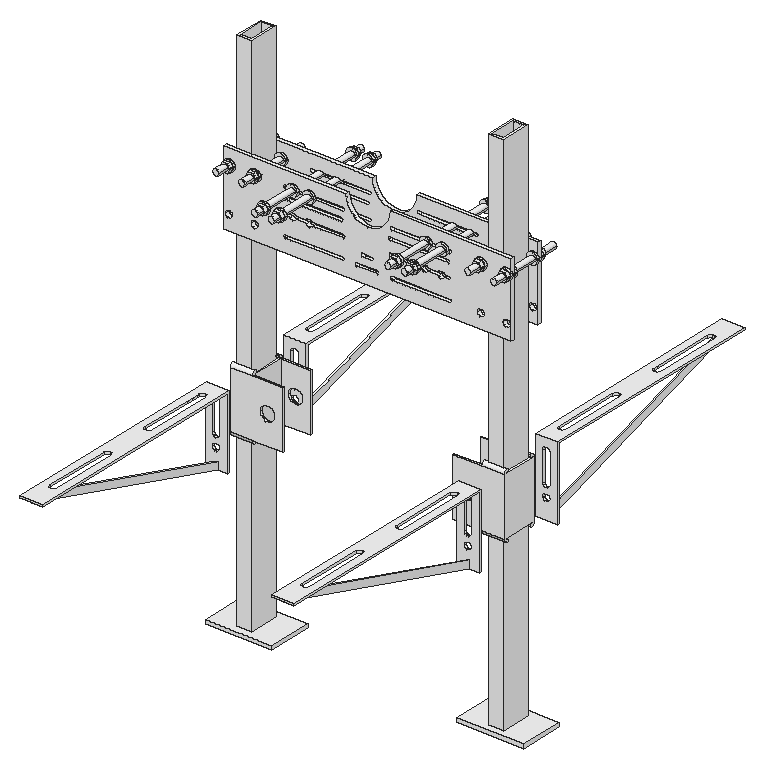
Revit family "Plumbing Fixture-Water_Closet_Carrier_Mifab_MC-34D", category Plumbing Fixtures, host Face, Revit 2013
Parameters
  WFU = 0
  URL = "www.mifab.com"
  Model = "MC-34D"
  Manufacturer = "MIFAB"
  Floor Drain Material = Paint - Sherwin Williams Paint - #952C2A - Bellwood Red
  Description = "Back To Back Hanger Plate And Exposed Arm Lavatory Carrier With Two Uprights"
  Default Elevation = 0.000"
  Assembly Code = ""
Reference planes (in)
  plane 1 "Center (Front/Back)": y = 0
  plane 2: z = 0
  plane 3 "Center (Left/Right)": x = 0
Forms (in)
  Extrusion 1, solid, material "Paint - Sherwin Williams Paint - #952C2A - Bellwood Red" <- "Floor Drain Material"
    sketch origin (0, 0, 0.64334) x (1, 0, 0) y (0, 1, 0)
      loop
        line (-10.75, 1.5) -> (-10.75, -1.5) -> (-6.25, -1.5) -> (-6.25, 1.5) -> (-10.75, 1.5)
      loop
        line (10.75, 1.5) -> (6.25, 1.5) -> (6.25, -1.5) -> (10.75, -1.5) -> (10.75, 1.5)
    from -0.64334 to -0.39334
  Extrusion 2, solid, material "Paint - Sherwin Williams Paint - #952C2A - Bellwood Red" <- "Floor Drain Material"
    sketch origin (0, 0, -0.64334) x (1, 0, 0) y (0, 1, 0)
      loop
        line (-9, 1) -> (-9, -1) -> (-8, -1) -> (-8, 1) -> (-9, 1)
      loop
        line (9, 1) -> (8, 1) -> (8, -1) -> (9, -1) -> (9, 1)
      loop
        line (-8.875, 0.875) -> (-8.875, -0.875) -> (-8.125, -0.875) -> (-8.125, 0.875) -> (-8.875, 0.875)
      loop
        line (8.875, 0.875) -> (8.125, 0.875) -> (8.125, -0.875) -> (8.875, -0.875) -> (8.875, 0.875)
    from 0.89334 to 36.64334
  Extrusion 3, solid, material "Paint - Sherwin Williams Paint - #952C2A - Bellwood Red" <- "Floor Drain Material"
    sketch origin (0.04675, -1.5, -10) x (1, 0, 0) y (0, 0, 1)
      loop
        line (-9.75, 39.14334) -> (-9.75, 34.14334) -> (9.65649, 34.14334) -> (9.65649, 39.14334) -> (1.5, 39.14334)
        arc (1.5, 39.14334) -> (0, 37.64334) -> (-1.5, 39.14334) r 1.5
        line (-1.5, 39.14334) -> (-9.75, 39.14334)
      loop
        circle (9.37144, 38.14334) r 0.25
      loop
        circle (7.62856, 38.14334) r 0.25
      loop
        circle (-9.37144, 38.14334) r 0.25
      loop
        circle (-7.62856, 38.14334) r 0.25
      loop
        line (5.54399, 38.26834) -> (5.275, 38.26834) -> (1.66899, 38.26834)
        arc (1.66899, 38.26834) -> (1.54399, 38.14334) -> (1.66899, 38.01834) r 0.125
        line (1.66899, 38.01834) -> (5.27785, 38.01834) -> (5.54399, 38.01834)
        arc (5.54399, 38.01834) -> (5.66899, 38.14334) -> (5.54399, 38.26834) r 0.125
      loop
        arc (-5.54399, 38.26834) -> (-5.66899, 38.14334) -> (-5.54399, 38.01834) r 0.125
        line (-5.54399, 38.01834) -> (-5.27785, 38.01834) -> (-1.66899, 38.01834)
        arc (-1.66899, 38.01834) -> (-1.54399, 38.14334) -> (-1.66899, 38.26834) r 0.125
        line (-1.66899, 38.26834) -> (-5.275, 38.26834) -> (-5.54399, 38.26834)
      loop
        circle (9.37144, 35.14334) r 0.25
      loop
        circle (7.62856, 35.14334) r 0.25
      loop
        circle (-9.37144, 35.14334) r 0.25
      loop
        circle (-7.62856, 35.14334) r 0.25
      loop
        arc (5.54399, 35.01834) -> (5.66899, 35.14334) -> (5.54399, 35.26834) r 0.125
        line (5.54399, 35.26834) -> (1.66899, 35.26834)
        arc (1.66899, 35.26834) -> (1.54399, 35.14334) -> (1.66899, 35.01834) r 0.125
        line (1.66899, 35.01834) -> (5.54399, 35.01834)
      loop
        line (-5.54399, 35.01834) -> (-3.725, 35.01834) -> (-1.66899, 35.01834)
        arc (-1.66899, 35.01834) -> (-1.54399, 35.14334) -> (-1.66899, 35.26834) r 0.125
        line (-1.66899, 35.26834) -> (-3.72215, 35.26834) -> (-5.54399, 35.26834)
        arc (-5.54399, 35.26834) -> (-5.66899, 35.14334) -> (-5.54399, 35.01834) r 0.125
      loop
        arc (-5.54399, 36.64334) -> (-5.66899, 36.51834) -> (-5.54399, 36.39334) r 0.125
        line (-5.54399, 36.39334) -> (-5.27785, 36.39334)
        arc (-5.27785, 36.39334) -> (-5.05994, 36.26587) -> (-4.84203, 36.39334) r 0.25
        line (-4.84203, 36.39334) -> (-4.15797, 36.39334)
        arc (-4.15797, 36.39334) -> (-3.94006, 36.26587) -> (-3.72215, 36.39334) r 0.25
        line (-3.72215, 36.39334) -> (-1.66899, 36.39334)
        arc (-1.66899, 36.39334) -> (-1.54399, 36.51834) -> (-1.66899, 36.64334) r 0.125
        line (-1.66899, 36.64334) -> (-3.725, 36.64334)
        arc (-3.725, 36.64334) -> (-3.94006, 36.76587) -> (-4.15512, 36.64334) r 0.25
        line (-4.15512, 36.64334) -> (-4.84488, 36.64334)
        arc (-4.84488, 36.64334) -> (-5.05994, 36.76587) -> (-5.275, 36.64334) r 0.25
        line (-5.275, 36.64334) -> (-5.54399, 36.64334)
      loop
        line (5.41405, 37.625) -> (5.14506, 37.625) -> (1.53905, 37.625)
        arc (1.53905, 37.625) -> (1.41405, 37.5) -> (1.53905, 37.375) r 0.125
        line (1.53905, 37.375) -> (5.14791, 37.375) -> (5.41405, 37.375)
        arc (5.41405, 37.375) -> (5.53905, 37.5) -> (5.41405, 37.625) r 0.125
      loop
        arc (-5.67393, 37.625) -> (-5.79893, 37.5) -> (-5.67393, 37.375) r 0.125
        line (-5.67393, 37.375) -> (-5.40779, 37.375) -> (-1.79893, 37.375)
        arc (-1.79893, 37.375) -> (-1.67393, 37.5) -> (-1.79893, 37.625) r 0.125
        line (-1.79893, 37.625) -> (-5.40494, 37.625) -> (-5.67393, 37.625)
      loop
        line (5.45049, 36.64334) -> (5.1815, 36.64334)
        arc (5.1815, 36.64334) -> (4.96643, 36.76587) -> (4.75137, 36.64334) r 0.25
        line (4.75137, 36.64334) -> (4.06162, 36.64334)
        arc (4.06162, 36.64334) -> (3.84656, 36.76587) -> (3.63149, 36.64334) r 0.25
        line (3.63149, 36.64334) -> (1.57549, 36.64334)
        arc (1.57549, 36.64334) -> (1.45049, 36.51834) -> (1.57549, 36.39334) r 0.125
        line (1.57549, 36.39334) -> (3.62864, 36.39334)
        arc (3.62864, 36.39334) -> (3.84656, 36.26587) -> (4.06447, 36.39334) r 0.25
        line (4.06447, 36.39334) -> (4.74852, 36.39334)
        arc (4.74852, 36.39334) -> (4.96643, 36.26587) -> (5.18435, 36.39334) r 0.25
        line (5.18435, 36.39334) -> (5.45049, 36.39334)
        arc (5.45049, 36.39334) -> (5.57549, 36.51834) -> (5.45049, 36.64334) r 0.125
      loop
        arc (-0.70997, 35.26834) -> (-0.83497, 35.14334) -> (-0.70997, 35.01834) r 0.125
        line (-0.70997, 35.01834) -> (0.61647, 35.01834)
        arc (0.61647, 35.01834) -> (0.74147, 35.14334) -> (0.61647, 35.26834) r 0.125
        line (0.61647, 35.26834) -> (-0.70997, 35.26834)
      loop
        arc (-0.32934, 35.95824) -> (-0.45434, 35.83324) -> (-0.32934, 35.70824) r 0.125
        line (-0.32934, 35.70824) -> (0.23583, 35.70824)
        arc (0.23583, 35.70824) -> (0.36083, 35.83324) -> (0.23583, 35.95824) r 0.125
        line (0.23583, 35.95824) -> (-0.32934, 35.95824)
    from -0.5 to -0.25
  Extrusion 4, solid, material "Paint - Sherwin Williams Paint - #952C2A - Bellwood Red" <- "Floor Drain Material"
    sketch origin (0.04675, 0, -8.12747) x (1, 0, 0) y (0, 0, 1)
      loop
        circle (-9.37144, 36.25) r 0.37861
      loop
        circle (-7.62856, 36.25) r 0.37861
      loop
        circle (7.62856, 36.25) r 0.37861
      loop
        circle (9.37144, 36.25) r 0.37861
    from 1.25 to 1.375
  Extrusion 5, solid, material "Paint - Sherwin Williams Paint - #952C2A - Bellwood Red" <- "Floor Drain Material"
    sketch origin (0.04675, -2.25, -8.12747) x (1, 0, 0) y (0, 0, -1)
      loop
        circle (-9.37144, -36.25) r 0.37861
      loop
        circle (-7.62856, -36.25) r 0.37861
      loop
        circle (7.62856, -36.25) r 0.37861
      loop
        circle (9.37144, -36.25) r 0.37861
    from 1.25 to 1.375
  Extrusion 6, solid, material "Paint - Sherwin Williams Paint - #952C2A - Bellwood Red" <- "Floor Drain Material"
    sketch origin (0.04675, 0, -8.12747) x (1, 0, 0) y (0, 0, 1)
      loop
        line (9.19891, 36.54883) -> (9.02638, 36.25) -> (9.19891, 35.95117) -> (9.54397, 35.95117) -> (9.7165, 36.25) -> (9.54397, 36.54883) -> (9.19891, 36.54883)
      loop
        line (7.45603, 36.54883) -> (7.2835, 36.25) -> (7.45603, 35.95117) -> (7.80109, 35.95117) -> (7.97362, 36.25) -> (7.80109, 36.54883) -> (7.45603, 36.54883)
      loop
        circle (9.37144, 36.25) r 0.2
      loop
        circle (7.62856, 36.25) r 0.2
      loop
        line (-9.19891, 36.54883) -> (-9.54397, 36.54883) -> (-9.7165, 36.25) -> (-9.54397, 35.95117) -> (-9.19891, 35.95117) -> (-9.02638, 36.25) -> (-9.19891, 36.54883)
      loop
        line (-7.45603, 36.54883) -> (-7.80109, 36.54883) -> (-7.97362, 36.25) -> (-7.80109, 35.95117) -> (-7.45603, 35.95117) -> (-7.2835, 36.25) -> (-7.45603, 36.54883)
      loop
        circle (-9.38944, 36.27126) r 0.2
      loop
        circle (-7.62856, 36.25) r 0.2
    from 1.375 to 1.625
  Extrusion 7, solid, material "Paint - Sherwin Williams Paint - #952C2A - Bellwood Red" <- "Floor Drain Material"
    sketch origin (0.04675, 0, -9.5) x (1, 0, 0) y (0, 0, 1)
      loop
        circle (-3.94006, 37.62253) r 0.2
      loop
        circle (-5.05994, 37.62253) r 0.2
      loop
        circle (3.94006, 37.62253) r 0.2
      loop
        circle (5.05994, 37.62253) r 0.2
    from -4.47481 to 4.48435
  Extrusion 8, solid, material "Paint - Sherwin Williams Paint - #952C2A - Bellwood Red" <- "Floor Drain Material"
    sketch origin (4.35826, -2.4273, -11.05033) x (1, 0, 0) y (0, 0, 1)
      loop
        line (-9.19891, 39.47169) -> (-9.54397, 39.47169) -> (-9.7165, 39.17286) -> (-9.54397, 38.87403) -> (-9.19891, 38.87403) -> (-9.02638, 39.17286) -> (-9.19891, 39.47169)
      loop
        circle (-9.37144, 39.17286) r 0.2
      loop
        line (-8.07903, 39.47169) -> (-8.42409, 39.47169) -> (-8.59662, 39.17286) -> (-8.42409, 38.87403) -> (-8.07903, 38.87403) -> (-7.90651, 39.17286) -> (-8.07903, 39.47169)
      loop
        circle (-8.25156, 39.17286) r 0.2
      loop
        line (-0.19891, 39.47169) -> (-0.54397, 39.47169) -> (-0.7165, 39.17286) -> (-0.54397, 38.87403) -> (-0.19891, 38.87403) -> (-0.02638, 39.17286) -> (-0.19891, 39.47169)
      loop
        circle (-0.37144, 39.17286) r 0.2
      loop
        line (0.92097, 39.47169) -> (0.57591, 39.47169) -> (0.40338, 39.17286) -> (0.57591, 38.87403) -> (0.92097, 38.87403) -> (1.09349, 39.17286) -> (0.92097, 39.47169)
      loop
        circle (0.74844, 39.17286) r 0.2
    from 1.375 to 1.625
  Extrusion 9, solid, material "Paint - Sherwin Williams Paint - #952C2A - Bellwood Red" <- "Floor Drain Material"
    sketch origin (4.35826, 0, -11.05033) x (1, 0, 0) y (0, 0, 1)
      loop
        circle (-9.37144, 39.17286) r 0.37857
      loop
        circle (-8.25156, 39.17286) r 0.37857
      loop
        circle (-0.37144, 39.17286) r 0.37857
      loop
        circle (0.74844, 39.17286) r 0.37857
    from 1.25 to 1.375
  Extrusion 10, solid, material "Paint - Sherwin Williams Paint - #952C2A - Bellwood Red" <- "Floor Drain Material"
    sketch origin (4.35826, -2.43499, -11.05033) x (1, 0, 0) y (0, 0, 1)
      loop
        circle (-9.37144, 39.17286) r 0.37857
      loop
        circle (-8.25156, 39.17286) r 0.37857
      loop
        circle (-0.37144, 39.17286) r 0.37857
      loop
        circle (0.74844, 39.17286) r 0.37857
    from 1.25 to 1.375
  Extrusion 11, solid, material "Paint - Sherwin Williams Paint - #952C2A - Bellwood Red" <- "Floor Drain Material"
    sketch origin (0, 0, 0) x (1, 0, 0) y (0, 1, 0)
      loop
        line (-9.125, 1.125) -> (-9.125, -1.125) -> (-7.875, -1.125) -> (-7.875, 1.125) -> (-9.125, 1.125)
      loop
        line (-9.25, 1.25) -> (-9.25, -1.25) -> (-7.75, -1.25) -> (-7.75, 1.25) -> (-9.25, 1.25)
    from 15.9073 to 12
  Extrusion 12, solid, material "Paint - Sherwin Williams Paint - #952C2A - Bellwood Red" <- "Floor Drain Material"
    sketch origin (-9.25, 1.125, 0) x (0, 1, 0) y (0, 0, -1)
      loop
        arc (-2.375, -15.9073) -> (-2.30178, -16.08408) -> (-2.125, -16.1573) r 0.25
        line (-2.125, -16.1573) -> (-2.125, -16.0323)
        arc (-2.125, -16.0323) -> (-2.21339, -15.99569) -> (-2.25, -15.9073) r 0.125
        line (-2.25, -15.9073) -> (-2.375, -15.9073)
      loop
        arc (-2.25, -12) -> (-2.21339, -11.91161) -> (-2.125, -11.875) r 0.125
        line (-2.125, -11.875) -> (-2.125, -11.75)
        arc (-2.125, -11.75) -> (-2.30178, -11.82322) -> (-2.375, -12) r 0.25
        line (-2.375, -12) -> (-2.25, -12)
    from 0 to -1.5
  Extrusion 13, solid, material "Paint - Sherwin Williams Paint - #952C2A - Bellwood Red" <- "Floor Drain Material"
    sketch origin (-9.25, 1.125, 0) x (0, 1, 0) y (0, 0, -1)
      loop
        line (-20.125, -15.9073) -> (-4.375, -15.9073) -> (-4.375, -10.9073) -> (-4.5, -10.9073) -> (-4.5, -15.7823) -> (-20.125, -15.7823) -> (-20.125, -15.9073)
    from 0 to -1.5
  Extrusion 14, solid, material "Paint - Sherwin Williams Paint - #952C2A - Bellwood Red" <- "Floor Drain Material"
    sketch origin (0, 0, 0) x (0, 1, 0) y (0, 0, 1)
      loop
        line (-3.375, 10.9073) -> (-3.375, 11.43107) -> (-17.32125, 15.7823) -> (-19, 15.7823) -> (-3.375, 10.9073)
    from -8.5625 to -8.4373
  Extrusion 15, void
    sketch origin (-9.25, -8.56169, 15.9073) x (0, 1, 0) y (-1, 0, 0)
      loop
        arc (3.97373, -1) -> (4.22373, -0.75) -> (3.97373, -0.5) r 0.25
        line (3.97373, -0.5) -> (-0.52627, -0.5)
        arc (-0.52627, -0.5) -> (-0.77627, -0.75) -> (-0.52627, -1) r 0.25
        line (-0.52627, -1) -> (3.97373, -1)
      loop
        arc (-4.02627, -1) -> (-3.77627, -0.75) -> (-4.02627, -0.5) r 0.25
        line (-4.02627, -0.5) -> (-8.52627, -0.5)
        arc (-8.52627, -0.5) -> (-8.77627, -0.75) -> (-8.52627, -1) r 0.25
        line (-8.52627, -1) -> (-4.02627, -1)
    from 0 to -1.44113
  Extrusion 16, void
    sketch origin (-9.25, -3.375, 11.35516) x (0, 0, 1) y (-1, 0, 0)
      loop
        arc (3.7543, -1) -> (4.0043, -0.75) -> (3.7543, -0.5) r 0.25
        line (3.7543, -0.5) -> (1.7543, -0.5)
        arc (1.7543, -0.5) -> (1.5043, -0.75) -> (1.7543, -1) r 0.25
        line (1.7543, -1) -> (3.7543, -1)
      loop
        circle (0.92242, -0.75) r 0.25
    from 0 to -1.42074
  Extrusion 17, solid, material "Paint - Sherwin Williams Paint - #952C2A - Bellwood Red" <- "Floor Drain Material"
    sketch origin (-7.46335, -1.25, -0.21027) x (-1, 0, 0) y (0, 0, -1)
      loop
        line (0.28665, -16.11757) -> (0.28665, -12.21027) -> (-1.71335, -12.21027) -> (-1.71335, -16.11757) -> (0.28665, -16.11757)
      loop
        circle (-0.72676, -14.18494) r 0.5
    from 0 to -0.125
  Extrusion 18, solid, material "Paint - Sherwin Williams Paint - #952C2A - Bellwood Red" <- "Floor Drain Material"
    sketch origin (7.75, 1.125, 0) x (0, 1, 0) y (0, 0, -1)
      loop
        line (-20.125, -15.9073) -> (-4.375, -15.9073) -> (-4.375, -10.9073) -> (-4.5, -10.9073) -> (-4.5, -15.7823) -> (-20.125, -15.7823) -> (-20.125, -15.9073)
    from 0 to -1.5
  Extrusion 19, solid, material "Paint - Sherwin Williams Paint - #952C2A - Bellwood Red" <- "Floor Drain Material"
    sketch origin (17, 0, 0) x (0, 1, 0) y (0, 0, 1)
      loop
        line (-3.375, 10.9073) -> (-3.375, 11.43107) -> (-17.32125, 15.7823) -> (-19, 15.7823) -> (-3.375, 10.9073)
    from -8.5625 to -8.4373
  Extrusion 20, void
    sketch origin (7.75, -3.375, 11.35516) x (0, 0, 1) y (-1, 0, 0)
      loop
        arc (3.7543, -1) -> (4.0043, -0.75) -> (3.7543, -0.5) r 0.25
        line (3.7543, -0.5) -> (1.7543, -0.5)
        arc (1.7543, -0.5) -> (1.5043, -0.75) -> (1.7543, -1) r 0.25
        line (1.7543, -1) -> (3.7543, -1)
      loop
        circle (0.92242, -0.75) r 0.25
    from 0 to -1.42074
  Extrusion 21, void
    sketch origin (7.75, -8.56169, 15.9073) x (0, 1, 0) y (-1, 0, 0)
      loop
        arc (3.97373, -1) -> (4.22373, -0.75) -> (3.97373, -0.5) r 0.25
        line (3.97373, -0.5) -> (-0.52627, -0.5)
        arc (-0.52627, -0.5) -> (-0.77627, -0.75) -> (-0.52627, -1) r 0.25
        line (-0.52627, -1) -> (3.97373, -1)
      loop
        arc (-4.02627, -1) -> (-3.77627, -0.75) -> (-4.02627, -0.5) r 0.25
        line (-4.02627, -0.5) -> (-8.52627, -0.5)
        arc (-8.52627, -0.5) -> (-8.77627, -0.75) -> (-8.52627, -1) r 0.25
        line (-8.52627, -1) -> (-4.02627, -1)
    from 0 to -1.44113
  Extrusion 22, solid, material "Paint - Sherwin Williams Paint - #952C2A - Bellwood Red" <- "Floor Drain Material"
    sketch origin (7.46335, -1.25, -0.21027) x (1, 0, 0) y (0, 0, 1)
      loop
        line (0.28665, 16.11757) -> (-1.71335, 16.11757) -> (-1.71335, 12.21027) -> (0.28665, 12.21027) -> (0.28665, 16.11757)
      loop
        circle (-0.72676, 14.18494) r 0.5
    from 0 to -0.125
  Extrusion 23, solid, material "Paint - Sherwin Williams Paint - #952C2A - Bellwood Red" <- "Floor Drain Material"
    sketch origin (17, 0, 0) x (1, 0, 0) y (0, 1, 0)
      loop
        line (-9.125, 1.125) -> (-9.125, -1.125) -> (-7.875, -1.125) -> (-7.875, 1.125) -> (-9.125, 1.125)
      loop
        line (-9.25, 1.25) -> (-9.25, -1.25) -> (-7.75, -1.25) -> (-7.75, 1.25) -> (-9.25, 1.25)
    from 15.9073 to 12
  Extrusion 24, solid, material "Paint - Sherwin Williams Paint - #952C2A - Bellwood Red" <- "Floor Drain Material"
    sketch origin (7.75, 1.125, 0) x (0, 1, 0) y (0, 0, -1)
      loop
        arc (-2.375, -15.9073) -> (-2.30178, -16.08408) -> (-2.125, -16.1573) r 0.25
        line (-2.125, -16.1573) -> (-2.125, -16.0323)
        arc (-2.125, -16.0323) -> (-2.21339, -15.99569) -> (-2.25, -15.9073) r 0.125
        line (-2.25, -15.9073) -> (-2.375, -15.9073)
      loop
        arc (-2.25, -12) -> (-2.21339, -11.91161) -> (-2.125, -11.875) r 0.125
        line (-2.125, -11.875) -> (-2.125, -11.75)
        arc (-2.125, -11.75) -> (-2.30178, -11.82322) -> (-2.375, -12) r 0.25
        line (-2.375, -12) -> (-2.25, -12)
    from 0 to -1.5
  Extrusion 25, solid, material "Paint - Sherwin Williams Paint - #952C2A - Bellwood Red" <- "Floor Drain Material"
    sketch origin (0.04675, 1.5, -10) x (1, 0, 0) y (0, 0, -1)
      loop
        line (-9.75, -39.14334) -> (-1.5, -39.14334)
        arc (-1.5, -39.14334) -> (0, -37.64334) -> (1.5, -39.14334) r 1.5
        line (1.5, -39.14334) -> (9.65649, -39.14334) -> (9.65649, -34.14334) -> (-9.75, -34.14334) -> (-9.75, -39.14334)
      loop
        circle (9.37144, -38.14334) r 0.25
      loop
        circle (7.62856, -38.14334) r 0.25
      loop
        circle (-9.37144, -38.14334) r 0.25
      loop
        circle (-7.62856, -38.14334) r 0.25
      loop
        arc (5.54399, -38.26834) -> (5.66899, -38.14334) -> (5.54399, -38.01834) r 0.125
        line (5.54399, -38.01834) -> (5.27785, -38.01834) -> (1.66899, -38.01834)
        arc (1.66899, -38.01834) -> (1.54399, -38.14334) -> (1.66899, -38.26834) r 0.125
        line (1.66899, -38.26834) -> (5.275, -38.26834) -> (5.54399, -38.26834)
      loop
        line (-5.54399, -38.26834) -> (-5.275, -38.26834) -> (-1.66899, -38.26834)
        arc (-1.66899, -38.26834) -> (-1.54399, -38.14334) -> (-1.66899, -38.01834) r 0.125
        line (-1.66899, -38.01834) -> (-5.27785, -38.01834) -> (-5.54399, -38.01834)
        arc (-5.54399, -38.01834) -> (-5.66899, -38.14334) -> (-5.54399, -38.26834) r 0.125
      loop
        circle (9.37144, -35.14334) r 0.25
      loop
        circle (7.62856, -35.14334) r 0.25
      loop
        circle (-9.37144, -35.14334) r 0.25
      loop
        circle (-7.62856, -35.14334) r 0.25
      loop
        line (5.54399, -35.01834) -> (1.66899, -35.01834)
        arc (1.66899, -35.01834) -> (1.54399, -35.14334) -> (1.66899, -35.26834) r 0.125
        line (1.66899, -35.26834) -> (5.54399, -35.26834)
        arc (5.54399, -35.26834) -> (5.66899, -35.14334) -> (5.54399, -35.01834) r 0.125
      loop
        arc (-5.54399, -35.01834) -> (-5.66899, -35.14334) -> (-5.54399, -35.26834) r 0.125
        line (-5.54399, -35.26834) -> (-3.72215, -35.26834) -> (-1.66899, -35.26834)
        arc (-1.66899, -35.26834) -> (-1.54399, -35.14334) -> (-1.66899, -35.01834) r 0.125
        line (-1.66899, -35.01834) -> (-3.725, -35.01834) -> (-5.54399, -35.01834)
      loop
        line (-5.54399, -36.64334) -> (-5.275, -36.64334)
        arc (-5.275, -36.64334) -> (-5.05994, -36.76587) -> (-4.84488, -36.64334) r 0.25
        line (-4.84488, -36.64334) -> (-4.15512, -36.64334)
        arc (-4.15512, -36.64334) -> (-3.94006, -36.76587) -> (-3.725, -36.64334) r 0.25
        line (-3.725, -36.64334) -> (-1.66899, -36.64334)
        arc (-1.66899, -36.64334) -> (-1.54399, -36.51834) -> (-1.66899, -36.39334) r 0.125
        line (-1.66899, -36.39334) -> (-3.72215, -36.39334)
        arc (-3.72215, -36.39334) -> (-3.94006, -36.26587) -> (-4.15797, -36.39334) r 0.25
        line (-4.15797, -36.39334) -> (-4.84203, -36.39334)
        arc (-4.84203, -36.39334) -> (-5.05994, -36.26587) -> (-5.27785, -36.39334) r 0.25
        line (-5.27785, -36.39334) -> (-5.54399, -36.39334)
        arc (-5.54399, -36.39334) -> (-5.66899, -36.51834) -> (-5.54399, -36.64334) r 0.125
      loop
        arc (5.41405, -37.625) -> (5.53905, -37.5) -> (5.41405, -37.375) r 0.125
        line (5.41405, -37.375) -> (5.14791, -37.375) -> (1.53905, -37.375)
        arc (1.53905, -37.375) -> (1.41405, -37.5) -> (1.53905, -37.625) r 0.125
        line (1.53905, -37.625) -> (5.14506, -37.625) -> (5.41405, -37.625)
      loop
        line (-5.67393, -37.625) -> (-5.40494, -37.625) -> (-1.79893, -37.625)
        arc (-1.79893, -37.625) -> (-1.67393, -37.5) -> (-1.79893, -37.375) r 0.125
        line (-1.79893, -37.375) -> (-5.40779, -37.375) -> (-5.67393, -37.375)
        arc (-5.67393, -37.375) -> (-5.79893, -37.5) -> (-5.67393, -37.625) r 0.125
      loop
        arc (5.45049, -36.64334) -> (5.57549, -36.51834) -> (5.45049, -36.39334) r 0.125
        line (5.45049, -36.39334) -> (5.18435, -36.39334)
        arc (5.18435, -36.39334) -> (4.96643, -36.26587) -> (4.74852, -36.39334) r 0.25
        line (4.74852, -36.39334) -> (4.06447, -36.39334)
        arc (4.06447, -36.39334) -> (3.84656, -36.26587) -> (3.62864, -36.39334) r 0.25
        line (3.62864, -36.39334) -> (1.57549, -36.39334)
        arc (1.57549, -36.39334) -> (1.45049, -36.51834) -> (1.57549, -36.64334) r 0.125
        line (1.57549, -36.64334) -> (3.63149, -36.64334)
        arc (3.63149, -36.64334) -> (3.84656, -36.76587) -> (4.06162, -36.64334) r 0.25
        line (4.06162, -36.64334) -> (4.75137, -36.64334)
        arc (4.75137, -36.64334) -> (4.96643, -36.76587) -> (5.1815, -36.64334) r 0.25
        line (5.1815, -36.64334) -> (5.45049, -36.64334)
      loop
        line (-0.70997, -35.26834) -> (0.61647, -35.26834)
        arc (0.61647, -35.26834) -> (0.74147, -35.14334) -> (0.61647, -35.01834) r 0.125
        line (0.61647, -35.01834) -> (-0.70997, -35.01834)
        arc (-0.70997, -35.01834) -> (-0.83497, -35.14334) -> (-0.70997, -35.26834) r 0.125
      loop
        line (-0.32934, -35.95824) -> (0.23583, -35.95824)
        arc (0.23583, -35.95824) -> (0.36083, -35.83324) -> (0.23583, -35.70824) r 0.125
        line (0.23583, -35.70824) -> (-0.32934, -35.70824)
        arc (-0.32934, -35.70824) -> (-0.45434, -35.83324) -> (-0.32934, -35.95824) r 0.125
    from -0.5 to -0.25
  Extrusion 26, solid, material "Paint - Sherwin Williams Paint - #952C2A - Bellwood Red" <- "Floor Drain Material"
    sketch origin (0.04675, 0, -8.12747) x (1, 0, 0) y (0, 0, -1)
      loop
        circle (-9.37144, -36.25) r 0.37861
      loop
        circle (-7.62856, -36.25) r 0.37861
      loop
        circle (7.62856, -36.25) r 0.37861
      loop
        circle (9.37144, -36.25) r 0.37861
    from 1.25 to 1.375
  Extrusion 27, solid, material "Paint - Sherwin Williams Paint - #952C2A - Bellwood Red" <- "Floor Drain Material"
    sketch origin (0.04675, 2.25, -8.12747) x (1, 0, 0) y (0, 0, 1)
      loop
        circle (-9.37144, 36.25) r 0.37861
      loop
        circle (-7.62856, 36.25) r 0.37861
      loop
        circle (7.62856, 36.25) r 0.37861
      loop
        circle (9.37144, 36.25) r 0.37861
    from 1.25 to 1.375
  Extrusion 28, solid, material "Paint - Sherwin Williams Paint - #952C2A - Bellwood Red" <- "Floor Drain Material"
    sketch origin (0.04675, 0, -8.12747) x (1, 0, 0) y (0, 0, -1)
      loop
        line (9.19891, -36.54883) -> (9.54397, -36.54883) -> (9.7165, -36.25) -> (9.54397, -35.95117) -> (9.19891, -35.95117) -> (9.02638, -36.25) -> (9.19891, -36.54883)
      loop
        line (7.45603, -36.54883) -> (7.80109, -36.54883) -> (7.97362, -36.25) -> (7.80109, -35.95117) -> (7.45603, -35.95117) -> (7.2835, -36.25) -> (7.45603, -36.54883)
      loop
        circle (9.37144, -36.25) r 0.2
      loop
        circle (7.62856, -36.25) r 0.2
      loop
        line (-9.19891, -36.54883) -> (-9.02638, -36.25) -> (-9.19891, -35.95117) -> (-9.54397, -35.95117) -> (-9.7165, -36.25) -> (-9.54397, -36.54883) -> (-9.19891, -36.54883)
      loop
        line (-7.45603, -36.54883) -> (-7.2835, -36.25) -> (-7.45603, -35.95117) -> (-7.80109, -35.95117) -> (-7.97362, -36.25) -> (-7.80109, -36.54883) -> (-7.45603, -36.54883)
      loop
        circle (-9.38944, -36.27126) r 0.2
      loop
        circle (-7.62856, -36.25) r 0.2
    from 1.375 to 1.625
  Extrusion 29, solid, material "Paint - Sherwin Williams Paint - #952C2A - Bellwood Red" <- "Floor Drain Material"
    sketch origin (4.35826, 2.4273, -11.05033) x (1, 0, 0) y (0, 0, -1)
      loop
        line (-9.19891, -39.47169) -> (-9.02638, -39.17286) -> (-9.19891, -38.87403) -> (-9.54397, -38.87403) -> (-9.7165, -39.17286) -> (-9.54397, -39.47169) -> (-9.19891, -39.47169)
      loop
        circle (-9.37144, -39.17286) r 0.2
      loop
        line (-8.07903, -39.47169) -> (-7.90651, -39.17286) -> (-8.07903, -38.87403) -> (-8.42409, -38.87403) -> (-8.59662, -39.17286) -> (-8.42409, -39.47169) -> (-8.07903, -39.47169)
      loop
        circle (-8.25156, -39.17286) r 0.2
      loop
        line (-0.19891, -39.47169) -> (-0.02638, -39.17286) -> (-0.19891, -38.87403) -> (-0.54397, -38.87403) -> (-0.7165, -39.17286) -> (-0.54397, -39.47169) -> (-0.19891, -39.47169)
      loop
        circle (-0.37144, -39.17286) r 0.2
      loop
        line (0.92097, -39.47169) -> (1.09349, -39.17286) -> (0.92097, -38.87403) -> (0.57591, -38.87403) -> (0.40338, -39.17286) -> (0.57591, -39.47169) -> (0.92097, -39.47169)
      loop
        circle (0.74844, -39.17286) r 0.2
    from 1.375 to 1.625
  Extrusion 30, solid
    sketch origin (4.35826, 0, -11.05033) x (1, 0, 0) y (0, 0, -1)
      loop
        circle (-9.37144, -39.17286) r 0.37857
      loop
        circle (-8.25156, -39.17286) r 0.37857
      loop
        circle (-0.37144, -39.17286) r 0.37857
      loop
        circle (0.74844, -39.17286) r 0.37857
    from 1.25 to 1.375
  Extrusion 31, solid, material "Paint - Sherwin Williams Paint - #952C2A - Bellwood Red" <- "Floor Drain Material"
    sketch origin (4.35826, 2.43499, -11.05033) x (1, 0, 0) y (0, 0, -1)
      loop
        circle (-9.37144, -39.17286) r 0.37857
      loop
        circle (-8.25156, -39.17286) r 0.37857
      loop
        circle (-0.37144, -39.17286) r 0.37857
      loop
        circle (0.74844, -39.17286) r 0.37857
    from 1.25 to 1.375
  Extrusion 32, solid, material "Paint - Sherwin Williams Paint - #952C2A - Bellwood Red" <- "Floor Drain Material"
    sketch origin (-9.25, -1.125, 0) x (0, -1, 0) y (0, 0, 1)
      loop
        line (-20.125, 15.9073) -> (-20.125, 15.7823) -> (-4.5, 15.7823) -> (-4.5, 10.9073) -> (-4.375, 10.9073) -> (-4.375, 15.9073) -> (-20.125, 15.9073)
    from 0 to -1.5
  Extrusion 33, solid, material "Paint - Sherwin Williams Paint - #952C2A - Bellwood Red" <- "Floor Drain Material"
    sketch origin (0, 0, 0) x (0, -1, 0) y (0, 0, -1)
      loop
        line (-3.375, -10.9073) -> (-19, -15.7823) -> (-17.32125, -15.7823) -> (-3.375, -11.43107) -> (-3.375, -10.9073)
    from -8.5625 to -8.4373
  Extrusion 34, void
    sketch origin (-9.25, 8.56169, 15.9073) x (0, -1, 0) y (1, 0, 0)
      loop
        line (3.97373, 1) -> (-0.52627, 1)
        arc (-0.52627, 1) -> (-0.77627, 0.75) -> (-0.52627, 0.5) r 0.25
        line (-0.52627, 0.5) -> (3.97373, 0.5)
        arc (3.97373, 0.5) -> (4.22373, 0.75) -> (3.97373, 1) r 0.25
      loop
        line (-4.02627, 1) -> (-8.52627, 1)
        arc (-8.52627, 1) -> (-8.77627, 0.75) -> (-8.52627, 0.5) r 0.25
        line (-8.52627, 0.5) -> (-4.02627, 0.5)
        arc (-4.02627, 0.5) -> (-3.77627, 0.75) -> (-4.02627, 1) r 0.25
    from 0 to -0.125
  Extrusion 35, void
    sketch origin (-9.25, 3.375, 11.35516) x (0, 0, 1) y (1, 0, 0)
      loop
        line (3.7543, 1) -> (1.7543, 1)
        arc (1.7543, 1) -> (1.5043, 0.75) -> (1.7543, 0.5) r 0.25
        line (1.7543, 0.5) -> (3.7543, 0.5)
        arc (3.7543, 0.5) -> (4.0043, 0.75) -> (3.7543, 1) r 0.25
      loop
        circle (0.92242, 0.75) r 0.25
    from 0 to -1.42074
  Extrusion 36, solid, material "Paint - Sherwin Williams Paint - #952C2A - Bellwood Red" <- "Floor Drain Material"
    sketch origin (7.75, -1.125, 0) x (0, -1, 0) y (0, 0, 1)
      loop
        line (-20.125, 15.9073) -> (-20.125, 15.7823) -> (-4.5, 15.7823) -> (-4.5, 10.9073) -> (-4.375, 10.9073) -> (-4.375, 15.9073) -> (-20.125, 15.9073)
    from 0 to -1.5
  Extrusion 37, solid, material "Paint - Sherwin Williams Paint - #952C2A - Bellwood Red" <- "Floor Drain Material"
    sketch origin (17, 0, 0) x (0, -1, 0) y (0, 0, -1)
      loop
        line (-3.375, -10.9073) -> (-19, -15.7823) -> (-17.32125, -15.7823) -> (-3.375, -11.43107) -> (-3.375, -10.9073)
    from -8.5625 to -8.4373
  Extrusion 38, void
    sketch origin (7.75, 3.375, 11.35516) x (0, 0, 1) y (1, 0, 0)
      loop
        line (3.7543, 1) -> (1.7543, 1)
        arc (1.7543, 1) -> (1.5043, 0.75) -> (1.7543, 0.5) r 0.25
        line (1.7543, 0.5) -> (3.7543, 0.5)
        arc (3.7543, 0.5) -> (4.0043, 0.75) -> (3.7543, 1) r 0.25
      loop
        circle (0.92242, 0.75) r 0.25
    from 0 to -1.42074
  Extrusion 39, void
    sketch origin (7.75, 8.56169, 15.9073) x (0, -1, 0) y (1, 0, 0)
      loop
        line (3.97373, 1) -> (-0.52627, 1)
        arc (-0.52627, 1) -> (-0.77627, 0.75) -> (-0.52627, 0.5) r 0.25
        line (-0.52627, 0.5) -> (3.97373, 0.5)
        arc (3.97373, 0.5) -> (4.22373, 0.75) -> (3.97373, 1) r 0.25
      loop
        line (-4.02627, 1) -> (-8.52627, 1)
        arc (-8.52627, 1) -> (-8.77627, 0.75) -> (-8.52627, 0.5) r 0.25
        line (-8.52627, 0.5) -> (-4.02627, 0.5)
        arc (-4.02627, 0.5) -> (-3.77627, 0.75) -> (-4.02627, 1) r 0.25
    from 0 to -0.125
  Extrusion 40, solid, material "Paint - Sherwin Williams Paint - #952C2A - Bellwood Red" <- "Floor Drain Material"
    sketch origin (-9.25, -1.125, 0) x (0, -1, 0) y (0, 0, 1)
      loop
        line (-2.375, 15.9073) -> (-2.25, 15.9073)
        arc (-2.25, 15.9073) -> (-2.21339, 15.99569) -> (-2.125, 16.0323) r 0.125
        line (-2.125, 16.0323) -> (-2.125, 16.1573)
        arc (-2.125, 16.1573) -> (-2.30178, 16.08408) -> (-2.375, 15.9073) r 0.25
      loop
        line (-2.25, 12) -> (-2.375, 12)
        arc (-2.375, 12) -> (-2.30178, 11.82322) -> (-2.125, 11.75) r 0.25
        line (-2.125, 11.75) -> (-2.125, 11.875)
        arc (-2.125, 11.875) -> (-2.21339, 11.91161) -> (-2.25, 12) r 0.125
    from 0 to -1.5
  Extrusion 41, solid, material "Paint - Sherwin Williams Paint - #952C2A - Bellwood Red" <- "Floor Drain Material"
    sketch origin (-7.46335, 1.25, -0.21027) x (-1, 0, 0) y (0, 0, 1)
      loop
        line (0.28665, 16.11757) -> (-1.71335, 16.11757) -> (-1.71335, 12.21027) -> (0.28665, 12.21027) -> (0.28665, 16.11757)
      loop
        circle (-0.72676, 14.18494) r 0.5
    from 0 to -0.125
  Extrusion 42, solid, material "Paint - Sherwin Williams Paint - #952C2A - Bellwood Red" <- "Floor Drain Material"
    sketch origin (7.46335, 1.25, -0.21027) x (1, 0, 0) y (0, 0, -1)
      loop
        line (0.28665, -16.11757) -> (0.28665, -12.21027) -> (-1.71335, -12.21027) -> (-1.71335, -16.11757) -> (0.28665, -16.11757)
      loop
        circle (-0.72676, -14.18494) r 0.5
    from 0 to -0.125
  Extrusion 43, solid, material "Paint - Sherwin Williams Paint - #952C2A - Bellwood Red" <- "Floor Drain Material"
    sketch origin (7.75, -1.125, 0) x (0, -1, 0) y (0, 0, 1)
      loop
        line (-2.375, 15.9073) -> (-2.25, 15.9073)
        arc (-2.25, 15.9073) -> (-2.21339, 15.99569) -> (-2.125, 16.0323) r 0.125
        line (-2.125, 16.0323) -> (-2.125, 16.1573)
        arc (-2.125, 16.1573) -> (-2.30178, 16.08408) -> (-2.375, 15.9073) r 0.25
      loop
        line (-2.25, 12) -> (-2.375, 12)
        arc (-2.375, 12) -> (-2.30178, 11.82322) -> (-2.125, 11.75) r 0.25
        line (-2.125, 11.75) -> (-2.125, 11.875)
        arc (-2.125, 11.875) -> (-2.21339, 11.91161) -> (-2.25, 12) r 0.125
    from 0 to -1.5
  Extrusion 44, solid, material "Paint - Sherwin Williams Paint - #952C2A - Bellwood Red" <- "Floor Drain Material"
    sketch origin (0, 0, 0) x (1, 0, 0) y (0, 0, 1)
      loop
        circle (-9.34269, 28.14379) r 0.2
      loop
        circle (-7.58181, 28.12253) r 0.2
      loop
        circle (7.67531, 28.12253) r 0.2
      loop
        circle (9.41819, 28.12253) r 0.2
    from -2.66492 to 2.35288
Cuts and joins
  joined: Extrusion 1, Extrusion 2, Extrusion 3, Extrusion 6, Extrusion 7, Extrusion 8, Extrusion 10
  joined: Extrusion 11, Extrusion 12, Extrusion 17, Extrusion 40, Extrusion 41
  Extrusion 15, Extrusion 16, Extrusion 20, Extrusion 21, Extrusion 34, Extrusion 35 cuts Extrusion 13
  Extrusion 21, Extrusion 34 cuts Extrusion 14
  joined: Extrusion 13, Extrusion 14
  Extrusion 20, Extrusion 21, Extrusion 38, Extrusion 39 cuts Extrusion 18
  Extrusion 39 cuts Extrusion 19
  joined: Extrusion 18, Extrusion 19
  joined: Extrusion 22, Extrusion 23, Extrusion 24, Extrusion 42, Extrusion 43
  Extrusion 38, Extrusion 39 cuts Extrusion 36
  joined: Extrusion 36, Extrusion 37
  Extrusion 34, Extrusion 35 cuts Extrusion 32
  Extrusion 34 cuts Extrusion 33
  joined: Extrusion 32, Extrusion 33
Lines and regions (in)
  model lines
    curve 1: line (-8.5, 0, 16.1573) -> (-8.5, 0, 10.9073)
    curve 2: line (-8.5625, 0, 16.1573) -> (-8.5625, 0, 10.9073)
  reference lines
    curve 3: line (-8.4373, 0, 10.9073) -> (-8.4373, 0, 16.1573)
Dimensions and locks (in)
  Extrusion 3 sketch curve to Extrusion 3 sketch curve = 5.000"
  Extrusion 2 to plane 3 "Center (Left/Right)" to Extrusion 2 = 9.000" locked, 9.000" locked
  locked: Extrusion 11 sketch curve to Extrusion 11 sketch curve at 2.25
  locked: Extrusion 11 sketch curve to Extrusion 11 sketch curve at 1.25
  locked: cut or joined group of Extrusion 1, Extrusion 2, Extrusion 3, Extrusion 6, Extrusion 7, Extrusion 8, Extrusion 10 to Extrusion 11 sketch curve at 0.125
  locked: Extrusion 11 sketch curve to cut or joined group of Extrusion 1, Extrusion 2, Extrusion 3, Extrusion 6, Extrusion 7, Extrusion 8, Extrusion 10 at 0.125
  locked: Extrusion 11 sketch curve to Extrusion 11 sketch curve at 0.125  (x2)
  locked: Extrusion 11 sketch curve to Extrusion 11 sketch curve at 1.5
  Extrusion 11 sketch curve to Extrusion 11 sketch curve = 2.500"
  locked: Extrusion 13 sketch curve to Extrusion 13 sketch curve at 0.125  (x2)
  locked: Extrusion 13 sketch curve to Extrusion 13 sketch curve at 5
  cut or joined group of Extrusion 11, Extrusion 12, Extrusion 17, Extrusion 40, Extrusion 41 to Extrusion 13 sketch curve = 2.000"
  locked: Extrusion 13 sketch curve to Extrusion 13 sketch curve at 15.75
  Extrusion 14 sketch curve to Extrusion 14 sketch curve = 0.500"
  curve 2 to curve 1 = 0.0625"
  curve 1 to curve 3 = 0.0627"
  locked: Extrusion 15 sketch curve to Extrusion 13 at 0.75
  locked: Extrusion 18 sketch curve to Extrusion 18 sketch curve at 0.125  (x2)
  locked: Extrusion 18 sketch curve to Extrusion 18 sketch curve at 5
  locked: Extrusion 18 sketch curve to Extrusion 18 sketch curve at 15.75
  Extrusion 19 sketch curve to Extrusion 19 sketch curve = 0.500"
  locked: Extrusion 23 sketch curve to Extrusion 23 sketch curve at 2.25
  locked: Extrusion 23 sketch curve to Extrusion 23 sketch curve at 1.25
  locked: Extrusion 23 sketch curve to Extrusion 23 sketch curve at 0.125  (x2)
  locked: Extrusion 23 sketch curve to Extrusion 23 sketch curve at 1.5
  Extrusion 23 sketch curve to Extrusion 23 sketch curve = 2.500"
  Extrusion 25 sketch curve to Extrusion 25 sketch curve = 5.000"
  locked: Extrusion 32 sketch curve to Extrusion 32 sketch curve at 0.125  (x2)
  locked: Extrusion 32 sketch curve to Extrusion 32 sketch curve at 5
  locked: Extrusion 32 sketch curve to Extrusion 32 sketch curve at 15.75
  Extrusion 33 sketch curve to Extrusion 33 sketch curve = 0.500"
  locked: Extrusion 32 to Extrusion 34 sketch curve at 0.75
  locked: Extrusion 36 sketch curve to Extrusion 36 sketch curve at 0.125  (x2)
  locked: Extrusion 36 sketch curve to Extrusion 36 sketch curve at 5
  locked: Extrusion 36 sketch curve to Extrusion 36 sketch curve at 15.75
  Extrusion 37 sketch curve to Extrusion 37 sketch curve = 0.500"
  radius of cut or joined group of Extrusion 13, Extrusion 14, Extrusion 15, Extrusion 16, Extrusion 20, Extrusion 21, Extrusion 34, Extrusion 35 = 0.250"  (x2)
  aligned and locked: plane 2 to host face
  aligned and locked: level to host face
  aligned and locked: Extrusion 2 to Extrusion 1
  aligned and locked: Extrusion 3 to Extrusion 2
  aligned and locked: Extrusion 4 to Extrusion 3
  aligned and locked: Extrusion 6 to Extrusion 4
  aligned and locked: Extrusion 1 to level
  aligned and locked: Extrusion 13 sketch curve to cut or joined group of Extrusion 11, Extrusion 12, Extrusion 17, Extrusion 40, Extrusion 41
  aligned and locked: Extrusion 14 sketch curve to Extrusion 13  (x2)
  aligned and locked: Extrusion 13 to Extrusion 14 sketch curve  (x2)
  aligned and locked: Extrusion 17 to cut or joined group of Extrusion 11, Extrusion 12, Extrusion 17, Extrusion 40, Extrusion 41  (x3)
  aligned and locked: Extrusion 19 sketch curve to Extrusion 18  (x2)
  aligned and locked: Extrusion 18 to Extrusion 19 sketch curve  (x2)
  aligned and locked: cut or joined group of Extrusion 22, Extrusion 23, Extrusion 24, Extrusion 42, Extrusion 43 to cut or joined group of Extrusion 11, Extrusion 12, Extrusion 17, Extrusion 40, Extrusion 41
  aligned and locked: cut or joined group of Extrusion 18, Extrusion 19, Extrusion 20, Extrusion 21, Extrusion 38, Extrusion 39 to cut or joined group of Extrusion 22, Extrusion 23, Extrusion 24, Extrusion 42, Extrusion 43
  aligned and locked: cut or joined group of Extrusion 22, Extrusion 23, Extrusion 24, Extrusion 42, Extrusion 43 to cut or joined group of Extrusion 22, Extrusion 23, Extrusion 24, Extrusion 42, Extrusion 43
  aligned and locked: Extrusion 25 to Extrusion 26
  aligned and locked: Extrusion 26 to Extrusion 28
  aligned and locked: Extrusion 33 sketch curve to Extrusion 32  (x3)
  aligned and locked: Extrusion 32 to Extrusion 33 sketch curve
  aligned and locked: Extrusion 36 to Extrusion 37 sketch curve  (x3)
  aligned and locked: Extrusion 37 sketch curve to Extrusion 36
  aligned and locked: Extrusion 44 sketch curve to cut or joined group of Extrusion 1, Extrusion 2, Extrusion 3, Extrusion 6, Extrusion 7, Extrusion 8, Extrusion 10  (x7)
